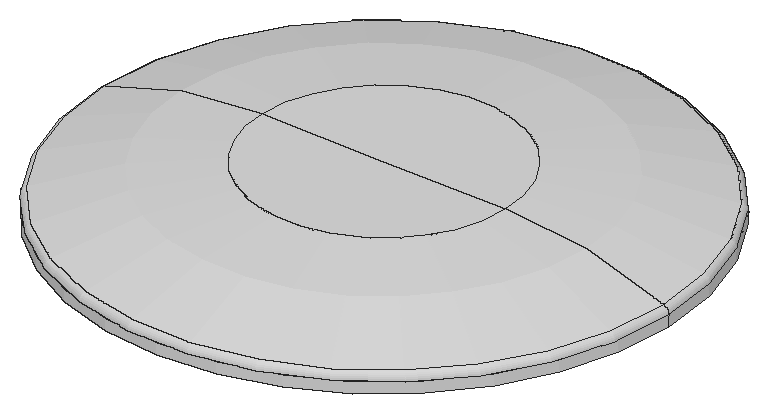
Revit family "Reece_Bath_LAUFEN_The New Classic_Freestanding Bath_1900 mm", category Plumbing Fixtures, Revit 2018
Family settings
  Round Connector Dimension = Use Diameter
  Part Type = Normal
  Work Plane-Based = Yes
  Always vertical = Yes
  Cut with Voids When Loaded = Yes
  Shared = Yes
  Room Calculation Point = Yes
Parameters
  URL = "https://www.reece.com.au/product/-1708151"
  Type Comments = "Bath"
  Reece_Product_Web Page = "https://www.reece.com.au/product/-1708151"
  Reece_Product_Type = "Bath"  # constant formula
  Reece_Product_Sub Brand = "The New Classic"  # constant formula
  Reece_Product_Number = "1708151"
  Reece_Product_Mount = "Floor Mounted"
  Reece_Product_Description = "LAUFEN The New Classic Freestanding Bath with Overflow 1900 x 900 Sentec White"  # constant formula
  Reece_Product_Brand = "LAUFEN"  # constant formula
  Reece_Overall_Width = 900 mm  # constant formula
  Reece_Overall_Length = 1900 mm  # constant formula
  Reece_Overall_Height = 580 mm  # constant formula
  Reece_Overall_Capacity = 230 L  # constant formula
  Reece_Material_Secondary = Reece_Brass_Chrome
  Reece_Material_Main = Reece_Cast_Solid_Surface_White
  Reece_Detail_Material = "Sentec Solid Surface"  # constant formula
  Reece_Detail_Installation = "Freestanding Bath"  # constant formula
  Reece_Detail_Disclaimer = "THIS FILE IS THE PROPERTY OF THE REECE GROUP. IT MAY NOT BE REPRODUCED, REVERSE-ENGINEERED OR MODIFIED. ANY REPUBLICATION, TRANSMISSION OR DISTRIBUTION FOR THE PURPOSE OF COMMERCIALLY EXPLOITING THE FILES IS PROHIBITED."  # constant formula
  Reece_Detail_Additional = "Overflow"  # constant formula
  Reece_Bath_Outlet = 40 mm  # constant formula
  Model = "The New Classic"
  Manufacturer = "LAUFEN"
  Keynote = "Product #1708151, Reece_Bath_LAUFEN_The New Classic_Freestanding Bath_1900 mm -  "
  Disclaimer = "THIS FILE IS THE PROPERTY OF THE REECE GROUP. IT MAY NOT BE REPRODUCED, REVERSE-ENGINEERED OR MODIFIED. ANY REPUBLICATION, TRANSMISSION OR DISTRIBUTION FOR THE PURPOSE OF COMMERCIALLY EXPLOITING THE FILES IS PROHIBITED."  # constant formula
  Description = "LAUFEN The New Classic Freestanding Bath with Overflow 1900 x 900 Sentec White"
  Default Elevation = 0 mm
Types (2, lengths in mm): name | Keynote
  (no name) | "Product #1708151, Reece_Bath_LAUFEN_The New Classic_Freestanding Bath_1900 mm -  "
  1900 mm_230 ltr_White | "Product #1708151, Reece_Bath_LAUFEN_The New Classic_Freestanding Bath_1900 mm - 1900 mm_230 ltr_White"
Reference planes
  plane 1 "Center (Front/Back)": y = 0
  plane 2 "Bottom Host Plane": z = 0
  plane 3 "Center (Left/Right)": x = 0
  plane 4: x = -950
  plane 5: y = 450
  plane 6: y = -450
  plane 7: x = 950
  plane 8: z = 580
  plane 9: z = 150
  plane 10: z = 115
Forms (mm)
  Revolve 1, solid, material "Reece_Brass_Chrome" <- "Reece_Material_Secondary"
    sketch origin (0, 0, 32.336) x (1, 0, 0) y (0, 0, 1)
      loop
        line (-25, 117.664) -> (-22.182, 114.847) -> (0, 114.847) -> (0, 115.847) -> (-21.768, 115.847) -> (-24.585, 118.664) -> (-27.315, 118.664) -> (-27.315, 117.664) -> (-25, 117.664)
      loop
        line (-35, 119.327) -> (0, 119.327) -> (0, 125.303) -> (-15, 125.303)
        arc (-15, 125.303) -> (-24.862, 124.364) -> (-34.37, 121.583) r 52.295
        arc (-34.37, 121.583) -> (-34.828, 121.215) -> (-35, 120.654) r 1
        line (-35, 120.654) -> (-35, 119.327)
      axis (0, 125.303) -> (0, 114.847)
    angle from 0 to 360
Lines and regions (mm)
  symbolic lines, style "PlumbingFixtures"
    curve 1: arc (-719.61, 333.803, 0) -> (-594.85, 380.827, 0) -> (-463.904, 405.917, 0) r 780
    curve 2: arc (-930, 0, 0) -> (-873.014, 197.287, 0) -> (-719.61, 333.803, 0) r 370
    curve 3: arc (-719.61, -333.803, 0) -> (-873.014, -197.287, 0) -> (-930, 0, 0) r 370
    curve 4: arc (-463.904, -405.917, 0) -> (-594.85, -380.827, 0) -> (-719.61, -333.803, 0) r 780
    curve 5: arc (0, -430, 0) -> (-232.264, -423.975, 0) -> (-463.904, -405.917, 0) r 4480
    curve 6: arc (463.904, -405.917, 0) -> (232.264, -423.975, 0) -> (0, -430, 0) r 4480
    curve 7: arc (719.61, -333.803, 0) -> (594.85, -380.827, 0) -> (463.904, -405.917, 0) r 780
    curve 8: arc (930, 0, 0) -> (873.014, -197.287, 0) -> (719.61, -333.803, 0) r 370
    curve 9: arc (719.61, 333.803, 0) -> (873.014, 197.287, 0) -> (930, 0, 0) r 370
    curve 10: arc (463.904, 405.917, 0) -> (594.85, 380.827, 0) -> (719.61, 333.803, 0) r 780
    curve 11: arc (0, 430, 0) -> (232.264, 423.975, 0) -> (463.904, 405.917, 0) r 4480
    curve 12: arc (-463.904, 405.917, 0) -> (-232.264, 423.975, 0) -> (0, 430, 0) r 4480
Text (mm)
  text "Reece ©" at (3136.013, -1941.423, 2939.377), in view "Reece Preview"
  text "Reece Copyright © 2018, Reece Ltd." at (-1417.253, -658.833, 0), in view "Ref. Level"
Dimensions and locks
  "Reece_Overall_Length": plane 4 to plane 7
  "Reece_Overall_Width": plane 5 to plane 6
  equal spacing: plane 6, plane 1 "Center (Front/Back)", plane 5
  equal spacing: plane 4, plane 3 "Center (Left/Right)", plane 7
  "Reece_Overall_Height": plane 8 to plane 2 "Bottom Host Plane"
  "Reece_Overall_Length": plane 8 to plane 4
  "Reece_Overall_Width": plane 5 to plane 8
Automatic sketch dimensions
  Revolve 1 sketch curve to plane 3 "Center (Left/Right)" = 0 mm  (x3)
  Revolve 1 sketch curve to plane 3 "Center (Left/Right)" = 15 mm
  Revolve 1 sketch curve to Revolve 1 sketch curve = 6.768 mm
  Revolve 1 sketch curve to Revolve 1 sketch curve = 0.414 mm  (x2)
  Revolve 1 sketch curve to Revolve 1 sketch curve = 2.817 mm
  Revolve 1 sketch curve to Revolve 1 sketch curve = 2.315 mm
  Revolve 1 sketch curve to Revolve 1 sketch curve = 6.685 mm
  Revolve 1 sketch curve to Revolve 1 sketch curve = 1 mm  (x3)
  level to Revolve 1 sketch curve = 105.343 mm
  Revolve 1 sketch curve to Revolve 1 sketch curve = 41.84 mm
  Revolve 1 sketch curve to Revolve 1 sketch curve = 1.817 mm
  Revolve 1 sketch curve to Revolve 1 sketch curve = 0.663 mm
  Revolve 1 sketch curve to Revolve 1 sketch curve = 1.327 mm
  Revolve 1 sketch curve to Revolve 1 sketch curve = 5.976 mm
  Revolve 1 sketch curve to Revolve 1 sketch curve = 6.992 mm
  Revolve 1 sketch curve to Revolve 1 sketch curve = 19.697 mm
  plane 1 "Center (Front/Back)" to curve 2 = 0 mm
  curve 1 to plane 6 = 80.11 mm
  curve 1 to plane 3 "Center (Left/Right)" = 383.135 mm
  curve 2 to plane 5 = 116.197 mm
  curve 1 to curve 2 = 0 mm
  curve 1 to plane 5 = 44.083 mm
  curve 4 to plane 5 = 80.11 mm
  curve 4 to plane 6 = 44.083 mm
  curve 5 to plane 3 "Center (Left/Right)" = 0 mm
  curve 5 to curve 4 = 0 mm
  curve 6 to plane 6 = 44.083 mm
  curve 7 to plane 5 = 80.11 mm
  curve 7 to plane 6 = 116.197 mm
  plane 1 "Center (Front/Back)" to curve 8 = 0 mm
  curve 8 to curve 7 = 0 mm
  curve 9 to plane 5 = 116.197 mm
  curve 10 to plane 5 = 44.083 mm
  curve 7 to curve 10 = 80.769 mm
  curve 11 to plane 3 "Center (Left/Right)" = 0 mm
  curve 2 to curve 3 = 0 mm
  curve 4 to curve 3 = 0 mm
  curve 5 to curve 6 = 0 mm
  curve 7 to curve 6 = 0 mm
  curve 8 to curve 9 = 0 mm
  curve 10 to curve 9 = 0 mm
  curve 11 to curve 10 = 0 mm
  curve 11 to curve 12 = 0 mm
  curve 12 to curve 1 = 0 mm
Connectors
  piping at (0, 0.07, 115), diameter 40, driven by "Reece_Bath_Outlet"
    settings: on free form element, index 1, connector inside diameter 609.6 mm, connector length 0 mm, flow factor 0, pipe flow 0.0 L/s, pressure drop 0.0 Pa, fitting loss kfactor 0, connector angle 0.00°, fixture units 0, engagement length 0 mm, angle of deflection 0.00°, flow configuration 0, flow direction 1, fitting loss method 0, system type 16, joint type 0, gender type 0, connector reference index -1, connector utility 0, adjustable connector no, is connector primary yes, connector description ""
